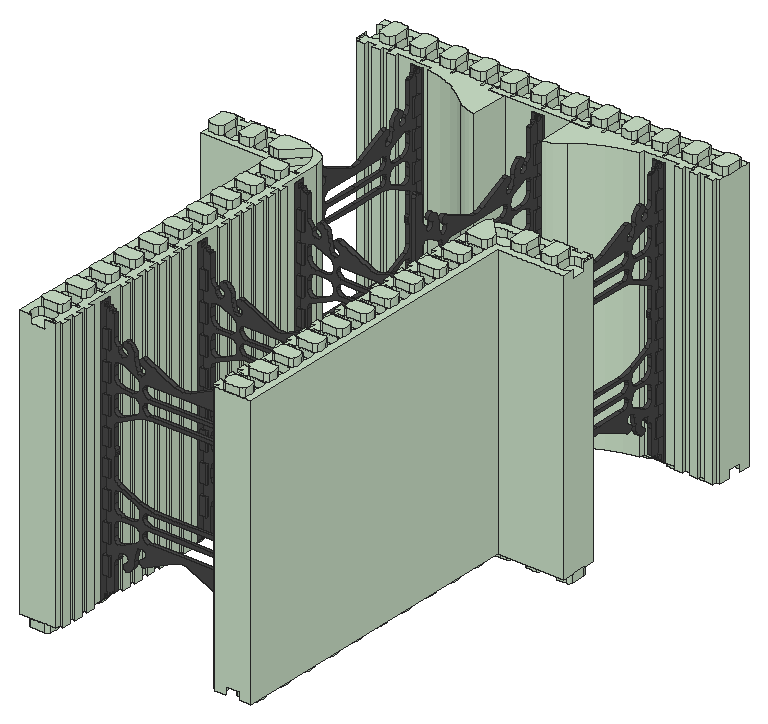
Revit family
Reference planes
  plane 1 "Center (Front/Back)": y = 0
  plane 2: z = 0
  plane 3 "Center (Left/Right)": x = 0
Forms (mm)
  Extrusion 1, solid, material "NUDURA Expanded Polystyrene Foam Insulation"
    sketch origin (-0.049, -0.095, 0) x (1, 0, 0) y (0, 1, 0)
      loop
        line (-254, 142.875) -> (-254, 82.55) -> (-246.858, 82.55) -> (-248.442, 76.2) -> (-234.158, 76.2) -> (-235.742, 82.55) -> (-221.458, 82.55) -> (-223.042, 76.2) -> (-208.758, 76.2) -> (-210.342, 82.55) -> (-196.058, 82.55) -> (-197.642, 76.2) -> (-183.358, 76.2) -> (-184.942, 82.55) -> (-127, 82.55) -> (-127, 73.025)
        arc (-127, 73.025) -> (-79.325, 60.317) -> (-38.333, 32.857) r 150.316
        arc (-38.333, 32.857) -> (-23.189, 23.014) -> (-5.558, 19.091) r 50.8
        line (-5.558, 19.091) -> (-5.558, 82.55) -> (-31.75, 82.55) -> (-31.75, 93.946) -> (-25.4, 92.363) -> (-25.4, 107.78) -> (-31.75, 106.079) -> (-31.75, 119.346) -> (-25.4, 117.763) -> (-25.4, 133.18) -> (-31.75, 131.479) -> (-31.75, 142.875) -> (-254, 142.875)
      loop
        line (355.6, 82.55) -> (355.6, 142.875) -> (133.35, 142.875) -> (133.35, 131.479) -> (127, 133.18) -> (127, 117.763) -> (133.35, 119.346) -> (133.35, 106.079) -> (127, 107.78) -> (127, 92.363) -> (133.35, 93.946) -> (133.35, 82.55) -> (107.158, 82.55) -> (107.158, 19.091)
        arc (107.158, 19.091) -> (124.789, 23.014) -> (139.933, 32.857) r 50.8
        arc (139.933, 32.857) -> (180.925, 60.317) -> (228.6, 73.025) r 150.316
        line (228.6, 73.025) -> (228.6, 82.55) -> (286.542, 82.55) -> (284.958, 76.2) -> (299.242, 76.2) -> (297.658, 82.55) -> (311.942, 82.55) -> (310.358, 76.2) -> (324.642, 76.2) -> (323.058, 82.55) -> (337.342, 82.55) -> (335.758, 76.2) -> (350.042, 76.2) -> (348.458, 82.55) -> (355.6, 82.55)
      loop
        line (-82.55, -762) -> (-82.55, -754.858) -> (-76.2, -756.441) -> (-76.2, -742.158) -> (-82.55, -743.741) -> (-82.55, -729.458) -> (-76.2, -731.041) -> (-76.2, -716.758) -> (-82.55, -718.341) -> (-82.55, -704.058) -> (-76.2, -705.641) -> (-76.2, -691.358) -> (-82.55, -692.941) -> (-82.55, -627.858) -> (-76.2, -629.441) -> (-76.2, -615.158) -> (-82.55, -616.741) -> (-82.55, -602.458) -> (-76.2, -604.041) -> (-76.2, -589.758) -> (-82.55, -591.341) -> (-82.55, -577.058) -> (-76.2, -578.641) -> (-76.2, -564.358) -> (-82.55, -565.941) -> (-82.55, -551.658) -> (-76.2, -553.241) -> (-76.2, -538.958) -> (-82.55, -540.541) -> (-82.55, -526.258) -> (-76.2, -527.841) -> (-76.2, -513.558) -> (-82.55, -515.141) -> (-82.55, -500.858) -> (-76.2, -502.441) -> (-76.2, -488.158) -> (-82.55, -489.741) -> (-82.55, -424.658) -> (-76.2, -426.241) -> (-76.2, -411.958) -> (-82.55, -413.541) -> (-82.55, -399.258) -> (-76.2, -400.841) -> (-76.2, -386.558) -> (-82.55, -388.141) -> (-82.55, -373.858) -> (-76.2, -375.441) -> (-76.2, -361.158) -> (-82.55, -362.741) -> (-82.55, -348.458) -> (-76.2, -350.041) -> (-76.2, -335.758) -> (-82.55, -337.341) -> (-82.55, -323.058) -> (-76.2, -324.641) -> (-76.2, -310.358) -> (-82.55, -311.941) -> (-82.55, -297.658) -> (-76.2, -299.241) -> (-76.2, -284.958) -> (-82.55, -286.541) -> (-82.55, -215.9)
        arc (-82.55, -215.9) -> (-91.849, -193.449) -> (-114.3, -184.15) r 31.75
        line (-114.3, -184.15) -> (-184.942, -184.15) -> (-183.358, -177.8) -> (-197.642, -177.8) -> (-196.058, -184.15) -> (-210.342, -184.15) -> (-208.758, -177.8) -> (-223.042, -177.8) -> (-221.458, -184.15) -> (-235.742, -184.15) -> (-234.158, -177.8) -> (-248.442, -177.8) -> (-246.858, -184.15) -> (-254, -184.15) -> (-254, -244.475) -> (-142.875, -244.475) -> (-142.875, -762) -> (-82.55, -762)
      loop
        line (184.15, -762) -> (244.475, -762) -> (244.475, -244.475) -> (355.6, -244.475) -> (355.6, -184.15) -> (348.458, -184.15) -> (350.042, -177.8) -> (335.758, -177.8) -> (337.342, -184.15) -> (323.058, -184.15) -> (324.642, -177.8) -> (310.358, -177.8) -> (311.942, -184.15) -> (297.658, -184.15) -> (299.242, -177.8) -> (284.958, -177.8) -> (286.542, -184.15) -> (215.9, -184.15)
        arc (215.9, -184.15) -> (193.449, -193.449) -> (184.15, -215.9) r 31.75
        line (184.15, -215.9) -> (184.15, -286.541) -> (177.8, -284.958) -> (177.8, -299.241) -> (184.15, -297.658) -> (184.15, -311.941) -> (177.8, -310.358) -> (177.8, -324.641) -> (184.15, -323.058) -> (184.15, -337.341) -> (177.8, -335.758) -> (177.8, -350.041) -> (184.15, -348.458) -> (184.15, -362.741) -> (177.8, -361.158) -> (177.8, -375.441) -> (184.15, -373.858) -> (184.15, -388.141) -> (177.8, -386.558) -> (177.8, -400.841) -> (184.15, -399.258) -> (184.15, -413.541) -> (177.8, -411.958) -> (177.8, -426.241) -> (184.15, -424.658) -> (184.15, -489.741) -> (177.8, -488.158) -> (177.8, -502.441) -> (184.15, -500.858) -> (184.15, -515.141) -> (177.8, -513.558) -> (177.8, -527.841) -> (184.15, -526.258) -> (184.15, -540.541) -> (177.8, -538.958) -> (177.8, -553.241) -> (184.15, -551.658) -> (184.15, -565.941) -> (177.8, -564.358) -> (177.8, -578.641) -> (184.15, -577.058) -> (184.15, -591.341) -> (177.8, -589.758) -> (177.8, -604.041) -> (184.15, -602.458) -> (184.15, -616.741) -> (177.8, -615.158) -> (177.8, -629.441) -> (184.15, -627.858) -> (184.15, -692.941) -> (177.8, -691.358) -> (177.8, -705.641) -> (184.15, -704.058) -> (184.15, -718.341) -> (177.8, -716.758) -> (177.8, -731.041) -> (184.15, -729.458) -> (184.15, -743.741) -> (177.8, -742.158) -> (177.8, -756.441) -> (184.15, -754.858) -> (184.15, -762)
    from 0 to 457.2
  Extrusion 2, void
    sketch origin (-0.049, -101.695, 0) x (1, 0, 0) y (0, 1, 0)
      loop
        arc (-130.453, -639.396) -> (-131.763, -647.7) -> (-130.453, -656.003) r 26.987
        arc (-130.453, -656.003) -> (-128.147, -659.184) -> (-124.411, -660.4) r 6.35
        line (-124.411, -660.4) -> (-101.014, -660.4)
        arc (-101.014, -660.4) -> (-98.696, -659.961) -> (-96.698, -658.708) r 6.35
        arc (-96.698, -658.708) -> (-96.199, -658.394) -> (-95.62, -658.285) r 1.588
        line (-95.62, -658.285) -> (-86.829, -658.285) -> (-86.829, -653.946) -> (-92.457, -653.946)
        arc (-92.457, -653.946) -> (-93.668, -653.385) -> (-94.024, -652.1) r 1.588
        arc (-94.024, -652.1) -> (-93.737, -645.691) -> (-94.972, -639.396) r 26.988
        arc (-94.972, -639.396) -> (-97.278, -636.215) -> (-101.014, -635) r 6.35
        line (-101.014, -635) -> (-124.411, -635)
        arc (-124.411, -635) -> (-128.147, -636.215) -> (-130.453, -639.396) r 6.35
    from 457.2 to 444.5
  Extrusion 3, void
    sketch origin (-0.049, -50.895, 0) x (1, 0, 0) y (0, 1, 0)
      loop
        arc (-130.453, -639.396) -> (-131.763, -647.7) -> (-130.453, -656.003) r 26.987
        arc (-130.453, -656.003) -> (-128.147, -659.184) -> (-124.411, -660.4) r 6.35
        line (-124.411, -660.4) -> (-101.014, -660.4)
        arc (-101.014, -660.4) -> (-98.696, -659.961) -> (-96.698, -658.708) r 6.35
        arc (-96.698, -658.708) -> (-96.199, -658.394) -> (-95.62, -658.285) r 1.588
        line (-95.62, -658.285) -> (-86.829, -658.285) -> (-86.829, -653.946) -> (-92.457, -653.946)
        arc (-92.457, -653.946) -> (-93.668, -653.385) -> (-94.024, -652.1) r 1.588
        arc (-94.024, -652.1) -> (-93.737, -645.691) -> (-94.972, -639.396) r 26.988
        arc (-94.972, -639.396) -> (-97.278, -636.215) -> (-101.014, -635) r 6.35
        line (-101.014, -635) -> (-124.411, -635)
        arc (-124.411, -635) -> (-128.147, -636.215) -> (-130.453, -639.396) r 6.35
    from 457.2 to 444.5
  Extrusion 4, void
    sketch origin (-0.049, -0.095, 0) x (1, 0, 0) y (0, 1, 0)
      loop
        arc (-130.453, -639.396) -> (-131.763, -647.7) -> (-130.453, -656.003) r 26.987
        arc (-130.453, -656.003) -> (-128.147, -659.184) -> (-124.411, -660.4) r 6.35
        line (-124.411, -660.4) -> (-101.014, -660.4)
        arc (-101.014, -660.4) -> (-98.696, -659.961) -> (-96.698, -658.708) r 6.35
        arc (-96.698, -658.708) -> (-96.199, -658.394) -> (-95.62, -658.285) r 1.588
        line (-95.62, -658.285) -> (-86.829, -658.285) -> (-86.829, -653.946) -> (-92.457, -653.946)
        arc (-92.457, -653.946) -> (-93.668, -653.385) -> (-94.024, -652.1) r 1.588
        arc (-94.024, -652.1) -> (-93.737, -645.691) -> (-94.972, -639.396) r 26.988
        arc (-94.972, -639.396) -> (-97.278, -636.215) -> (-101.014, -635) r 6.35
        line (-101.014, -635) -> (-124.411, -635)
        arc (-124.411, -635) -> (-128.147, -636.215) -> (-130.453, -639.396) r 6.35
    from 457.2 to 444.5
  Extrusion 5, void
    sketch origin (-0.049, 50.705, 0) x (1, 0, 0) y (0, 1, 0)
      loop
        arc (-130.453, -639.396) -> (-131.763, -647.7) -> (-130.453, -656.003) r 26.987
        arc (-130.453, -656.003) -> (-128.147, -659.184) -> (-124.411, -660.4) r 6.35
        line (-124.411, -660.4) -> (-101.014, -660.4)
        arc (-101.014, -660.4) -> (-98.696, -659.961) -> (-96.698, -658.708) r 6.35
        arc (-96.698, -658.708) -> (-96.199, -658.394) -> (-95.62, -658.285) r 1.588
        line (-95.62, -658.285) -> (-86.829, -658.285) -> (-86.829, -653.946) -> (-92.457, -653.946)
        arc (-92.457, -653.946) -> (-93.668, -653.385) -> (-94.024, -652.1) r 1.588
        arc (-94.024, -652.1) -> (-93.737, -645.691) -> (-94.972, -639.396) r 26.988
        arc (-94.972, -639.396) -> (-97.278, -636.215) -> (-101.014, -635) r 6.35
        line (-101.014, -635) -> (-124.411, -635)
        arc (-124.411, -635) -> (-128.147, -636.215) -> (-130.453, -639.396) r 6.35
    from 457.2 to 444.5
  Extrusion 6, void
    sketch origin (-0.049, 101.505, 0) x (1, 0, 0) y (0, 1, 0)
      loop
        arc (-130.453, -639.396) -> (-131.763, -647.7) -> (-130.453, -656.003) r 26.987
        arc (-130.453, -656.003) -> (-128.147, -659.184) -> (-124.411, -660.4) r 6.35
        line (-124.411, -660.4) -> (-101.014, -660.4)
        arc (-101.014, -660.4) -> (-98.696, -659.961) -> (-96.698, -658.708) r 6.35
        arc (-96.698, -658.708) -> (-96.199, -658.394) -> (-95.62, -658.285) r 1.588
        line (-95.62, -658.285) -> (-86.829, -658.285) -> (-86.829, -653.946) -> (-92.457, -653.946)
        arc (-92.457, -653.946) -> (-93.668, -653.385) -> (-94.024, -652.1) r 1.588
        arc (-94.024, -652.1) -> (-93.737, -645.691) -> (-94.972, -639.396) r 26.988
        arc (-94.972, -639.396) -> (-97.278, -636.215) -> (-101.014, -635) r 6.35
        line (-101.014, -635) -> (-124.411, -635)
        arc (-124.411, -635) -> (-128.147, -636.215) -> (-130.453, -639.396) r 6.35
    from 457.2 to 444.5
  Extrusion 7, void
    sketch origin (-0.049, 152.305, 0) x (1, 0, 0) y (0, 1, 0)
      loop
        arc (-130.453, -639.396) -> (-131.763, -647.7) -> (-130.453, -656.003) r 26.987
        arc (-130.453, -656.003) -> (-128.147, -659.184) -> (-124.411, -660.4) r 6.35
        line (-124.411, -660.4) -> (-101.014, -660.4)
        arc (-101.014, -660.4) -> (-98.696, -659.961) -> (-96.698, -658.708) r 6.35
        arc (-96.698, -658.708) -> (-96.199, -658.394) -> (-95.62, -658.285) r 1.588
        line (-95.62, -658.285) -> (-86.829, -658.285) -> (-86.829, -653.946) -> (-92.457, -653.946)
        arc (-92.457, -653.946) -> (-93.668, -653.385) -> (-94.024, -652.1) r 1.588
        arc (-94.024, -652.1) -> (-93.737, -645.691) -> (-94.972, -639.396) r 26.988
        arc (-94.972, -639.396) -> (-97.278, -636.215) -> (-101.014, -635) r 6.35
        line (-101.014, -635) -> (-124.411, -635)
        arc (-124.411, -635) -> (-128.147, -636.215) -> (-130.453, -639.396) r 6.35
    from 457.2 to 444.5
  Extrusion 8, void
    sketch origin (-0.049, 203.105, 0) x (1, 0, 0) y (0, 1, 0)
      loop
        arc (-130.453, -639.396) -> (-131.763, -647.7) -> (-130.453, -656.003) r 26.987
        arc (-130.453, -656.003) -> (-128.147, -659.184) -> (-124.411, -660.4) r 6.35
        line (-124.411, -660.4) -> (-101.014, -660.4)
        arc (-101.014, -660.4) -> (-98.696, -659.961) -> (-96.698, -658.708) r 6.35
        arc (-96.698, -658.708) -> (-96.199, -658.394) -> (-95.62, -658.285) r 1.588
        line (-95.62, -658.285) -> (-86.829, -658.285) -> (-86.829, -653.946) -> (-92.457, -653.946)
        arc (-92.457, -653.946) -> (-93.668, -653.385) -> (-94.024, -652.1) r 1.588
        arc (-94.024, -652.1) -> (-93.737, -645.691) -> (-94.972, -639.396) r 26.988
        arc (-94.972, -639.396) -> (-97.278, -636.215) -> (-101.014, -635) r 6.35
        line (-101.014, -635) -> (-124.411, -635)
        arc (-124.411, -635) -> (-128.147, -636.215) -> (-130.453, -639.396) r 6.35
    from 457.2 to 444.5
  Extrusion 9, void
    sketch origin (-0.049, 253.905, 0) x (1, 0, 0) y (0, 1, 0)
      loop
        arc (-130.453, -639.396) -> (-131.763, -647.7) -> (-130.453, -656.003) r 26.987
        arc (-130.453, -656.003) -> (-128.147, -659.184) -> (-124.411, -660.4) r 6.35
        line (-124.411, -660.4) -> (-101.014, -660.4)
        arc (-101.014, -660.4) -> (-98.696, -659.961) -> (-96.698, -658.708) r 6.35
        arc (-96.698, -658.708) -> (-96.199, -658.394) -> (-95.62, -658.285) r 1.588
        line (-95.62, -658.285) -> (-86.829, -658.285) -> (-86.829, -653.946) -> (-92.457, -653.946)
        arc (-92.457, -653.946) -> (-93.668, -653.385) -> (-94.024, -652.1) r 1.588
        arc (-94.024, -652.1) -> (-93.737, -645.691) -> (-94.972, -639.396) r 26.988
        arc (-94.972, -639.396) -> (-97.278, -636.215) -> (-101.014, -635) r 6.35
        line (-101.014, -635) -> (-124.411, -635)
        arc (-124.411, -635) -> (-128.147, -636.215) -> (-130.453, -639.396) r 6.35
    from 457.2 to 444.5
  Extrusion 10, void
    sketch origin (-0.049, 304.705, 0) x (1, 0, 0) y (0, 1, 0)
      loop
        arc (-130.453, -639.396) -> (-131.763, -647.7) -> (-130.453, -656.003) r 26.987
        arc (-130.453, -656.003) -> (-128.147, -659.184) -> (-124.411, -660.4) r 6.35
        line (-124.411, -660.4) -> (-101.014, -660.4)
        arc (-101.014, -660.4) -> (-98.696, -659.961) -> (-96.698, -658.708) r 6.35
        arc (-96.698, -658.708) -> (-96.199, -658.394) -> (-95.62, -658.285) r 1.588
        line (-95.62, -658.285) -> (-86.829, -658.285) -> (-86.829, -653.946) -> (-92.457, -653.946)
        arc (-92.457, -653.946) -> (-93.668, -653.385) -> (-94.024, -652.1) r 1.588
        arc (-94.024, -652.1) -> (-93.737, -645.691) -> (-94.972, -639.396) r 26.988
        arc (-94.972, -639.396) -> (-97.278, -636.215) -> (-101.014, -635) r 6.35
        line (-101.014, -635) -> (-124.411, -635)
        arc (-124.411, -635) -> (-128.147, -636.215) -> (-130.453, -639.396) r 6.35
    from 457.2 to 444.5
  Extrusion 11, void
    sketch origin (-0.049, 355.505, 0) x (1, 0, 0) y (0, 1, 0)
      loop
        arc (-130.453, -639.396) -> (-131.763, -647.7) -> (-130.453, -656.003) r 26.987
        arc (-130.453, -656.003) -> (-128.147, -659.184) -> (-124.411, -660.4) r 6.35
        line (-124.411, -660.4) -> (-101.014, -660.4)
        arc (-101.014, -660.4) -> (-98.696, -659.961) -> (-96.698, -658.708) r 6.35
        arc (-96.698, -658.708) -> (-96.199, -658.394) -> (-95.62, -658.285) r 1.588
        line (-95.62, -658.285) -> (-86.829, -658.285) -> (-86.829, -653.946) -> (-92.457, -653.946)
        arc (-92.457, -653.946) -> (-93.668, -653.385) -> (-94.024, -652.1) r 1.588
        arc (-94.024, -652.1) -> (-93.737, -645.691) -> (-94.972, -639.396) r 26.988
        arc (-94.972, -639.396) -> (-97.278, -636.215) -> (-101.014, -635) r 6.35
        line (-101.014, -635) -> (-124.411, -635)
        arc (-124.411, -635) -> (-128.147, -636.215) -> (-130.453, -639.396) r 6.35
    from 457.2 to 444.5
  Extrusion 12, void
    sketch origin (-0.049, -101.695, 0) x (1, 0, 0) y (0, 1, 0)
      loop
        line (-131.763, -131.762) -> (-131.763, -139.7)
        arc (-131.763, -139.7) -> (-131.433, -143.903) -> (-130.453, -148.003) r 26.987
        arc (-130.453, -148.003) -> (-128.147, -151.184) -> (-124.411, -152.4) r 6.35
        line (-124.411, -152.4) -> (-101.014, -152.4)
        arc (-101.014, -152.4) -> (-98.696, -151.961) -> (-96.698, -150.708) r 6.35
        arc (-96.698, -150.708) -> (-96.199, -150.394) -> (-95.62, -150.285) r 1.588
        line (-95.62, -150.285) -> (-86.829, -150.285) -> (-86.829, -145.946) -> (-92.457, -145.946)
        arc (-92.457, -145.946) -> (-93.668, -145.385) -> (-94.024, -144.1) r 1.588
        arc (-94.024, -144.1) -> (-93.753, -141.907) -> (-93.663, -139.7) r 26.987
        line (-93.663, -139.7) -> (-93.663, -119.062)
        arc (-93.663, -119.062) -> (-95.596, -109.342) -> (-101.102, -101.102) r 25.4
        line (-101.102, -101.102) -> (-131.763, -131.762)
    from 457.2 to 444.5
  Extrusion 13, void
    sketch origin (-812.848, -101.695, 0) x (0, 1, 0) y (-1, 0, 0)
      loop
        arc (-130.453, -639.396) -> (-131.763, -647.7) -> (-130.453, -656.003) r 26.987
        arc (-130.453, -656.003) -> (-128.147, -659.184) -> (-124.411, -660.4) r 6.35
        line (-124.411, -660.4) -> (-101.014, -660.4)
        arc (-101.014, -660.4) -> (-98.696, -659.961) -> (-96.698, -658.708) r 6.35
        arc (-96.698, -658.708) -> (-96.199, -658.394) -> (-95.62, -658.285) r 1.588
        line (-95.62, -658.285) -> (-86.829, -658.285) -> (-86.829, -653.946) -> (-92.457, -653.946)
        arc (-92.457, -653.946) -> (-93.668, -653.385) -> (-94.024, -652.1) r 1.588
        arc (-94.024, -652.1) -> (-93.737, -645.691) -> (-94.972, -639.396) r 26.988
        arc (-94.972, -639.396) -> (-97.278, -636.215) -> (-101.014, -635) r 6.35
        line (-101.014, -635) -> (-124.411, -635)
        arc (-124.411, -635) -> (-128.147, -636.215) -> (-130.453, -639.396) r 6.35
    from 457.2 to 444.5
  Extrusion 14, void
    sketch origin (-863.648, -101.695, 0) x (0, 1, 0) y (-1, 0, 0)
      loop
        arc (-130.453, -639.396) -> (-131.763, -647.7) -> (-130.453, -656.003) r 26.987
        arc (-130.453, -656.003) -> (-128.147, -659.184) -> (-124.411, -660.4) r 6.35
        line (-124.411, -660.4) -> (-101.014, -660.4)
        arc (-101.014, -660.4) -> (-98.696, -659.961) -> (-96.698, -658.708) r 6.35
        arc (-96.698, -658.708) -> (-96.199, -658.394) -> (-95.62, -658.285) r 1.588
        line (-95.62, -658.285) -> (-86.829, -658.285) -> (-86.829, -653.946) -> (-92.457, -653.946)
        arc (-92.457, -653.946) -> (-93.668, -653.385) -> (-94.024, -652.1) r 1.588
        arc (-94.024, -652.1) -> (-93.737, -645.691) -> (-94.972, -639.396) r 26.988
        arc (-94.972, -639.396) -> (-97.278, -636.215) -> (-101.014, -635) r 6.35
        line (-101.014, -635) -> (-124.411, -635)
        arc (-124.411, -635) -> (-128.147, -636.215) -> (-130.453, -639.396) r 6.35
    from 457.2 to 444.5
  Extrusion 15, void
    sketch origin (-0.049, -1371.694, 0) x (1, 0, 0) y (0, 1, 0)
      loop
        arc (-130.453, 639.396) -> (-128.147, 636.215) -> (-124.411, 635) r 6.35
        line (-124.411, 635) -> (-101.014, 635)
        arc (-101.014, 635) -> (-97.278, 636.215) -> (-94.972, 639.396) r 6.35
        arc (-94.972, 639.396) -> (-93.737, 645.691) -> (-94.024, 652.1) r 26.988
        arc (-94.024, 652.1) -> (-93.668, 653.385) -> (-92.457, 653.946) r 1.588
        line (-92.457, 653.946) -> (-86.829, 653.946) -> (-86.829, 658.285) -> (-95.62, 658.285)
        arc (-95.62, 658.285) -> (-96.199, 658.394) -> (-96.698, 658.708) r 1.588
        arc (-96.698, 658.708) -> (-98.696, 659.961) -> (-101.014, 660.4) r 6.35
        line (-101.014, 660.4) -> (-124.411, 660.4)
        arc (-124.411, 660.4) -> (-128.147, 659.184) -> (-130.453, 656.003) r 6.35
        arc (-130.453, 656.003) -> (-131.763, 647.7) -> (-130.453, 639.396) r 26.987
    from 0 to 12.7
  Extrusion 16, void
    sketch origin (-0.049, -1320.894, 0) x (1, 0, 0) y (0, 1, 0)
      loop
        arc (-130.453, 639.396) -> (-128.147, 636.215) -> (-124.411, 635) r 6.35
        line (-124.411, 635) -> (-101.014, 635)
        arc (-101.014, 635) -> (-97.278, 636.215) -> (-94.972, 639.396) r 6.35
        arc (-94.972, 639.396) -> (-93.737, 645.691) -> (-94.024, 652.1) r 26.988
        arc (-94.024, 652.1) -> (-93.668, 653.385) -> (-92.457, 653.946) r 1.588
        line (-92.457, 653.946) -> (-86.829, 653.946) -> (-86.829, 658.285) -> (-95.62, 658.285)
        arc (-95.62, 658.285) -> (-96.199, 658.394) -> (-96.698, 658.708) r 1.588
        arc (-96.698, 658.708) -> (-98.696, 659.961) -> (-101.014, 660.4) r 6.35
        line (-101.014, 660.4) -> (-124.411, 660.4)
        arc (-124.411, 660.4) -> (-128.147, 659.184) -> (-130.453, 656.003) r 6.35
        arc (-130.453, 656.003) -> (-131.763, 647.7) -> (-130.453, 639.396) r 26.987
    from 0 to 12.7
  Extrusion 17, void
    sketch origin (-0.049, -1270.094, 0) x (1, 0, 0) y (0, 1, 0)
      loop
        arc (-130.453, 639.396) -> (-128.147, 636.215) -> (-124.411, 635) r 6.35
        line (-124.411, 635) -> (-101.014, 635)
        arc (-101.014, 635) -> (-97.278, 636.215) -> (-94.972, 639.396) r 6.35
        arc (-94.972, 639.396) -> (-93.737, 645.691) -> (-94.024, 652.1) r 26.988
        arc (-94.024, 652.1) -> (-93.668, 653.385) -> (-92.457, 653.946) r 1.588
        line (-92.457, 653.946) -> (-86.829, 653.946) -> (-86.829, 658.285) -> (-95.62, 658.285)
        arc (-95.62, 658.285) -> (-96.199, 658.394) -> (-96.698, 658.708) r 1.588
        arc (-96.698, 658.708) -> (-98.696, 659.961) -> (-101.014, 660.4) r 6.35
        line (-101.014, 660.4) -> (-124.411, 660.4)
        arc (-124.411, 660.4) -> (-128.147, 659.184) -> (-130.453, 656.003) r 6.35
        arc (-130.453, 656.003) -> (-131.763, 647.7) -> (-130.453, 639.396) r 26.987
    from 0 to 12.7
  Extrusion 18, void
    sketch origin (-0.049, -1219.294, 0) x (1, 0, 0) y (0, 1, 0)
      loop
        arc (-130.453, 639.396) -> (-128.147, 636.215) -> (-124.411, 635) r 6.35
        line (-124.411, 635) -> (-101.014, 635)
        arc (-101.014, 635) -> (-97.278, 636.215) -> (-94.972, 639.396) r 6.35
        arc (-94.972, 639.396) -> (-93.737, 645.691) -> (-94.024, 652.1) r 26.988
        arc (-94.024, 652.1) -> (-93.668, 653.385) -> (-92.457, 653.946) r 1.588
        line (-92.457, 653.946) -> (-86.829, 653.946) -> (-86.829, 658.285) -> (-95.62, 658.285)
        arc (-95.62, 658.285) -> (-96.199, 658.394) -> (-96.698, 658.708) r 1.588
        arc (-96.698, 658.708) -> (-98.696, 659.961) -> (-101.014, 660.4) r 6.35
        line (-101.014, 660.4) -> (-124.411, 660.4)
        arc (-124.411, 660.4) -> (-128.147, 659.184) -> (-130.453, 656.003) r 6.35
        arc (-130.453, 656.003) -> (-131.763, 647.7) -> (-130.453, 639.396) r 26.987
    from 0 to 12.7
  Extrusion 19, void
    sketch origin (-0.049, -1168.494, 0) x (1, 0, 0) y (0, 1, 0)
      loop
        arc (-130.453, 639.396) -> (-128.147, 636.215) -> (-124.411, 635) r 6.35
        line (-124.411, 635) -> (-101.014, 635)
        arc (-101.014, 635) -> (-97.278, 636.215) -> (-94.972, 639.396) r 6.35
        arc (-94.972, 639.396) -> (-93.737, 645.691) -> (-94.024, 652.1) r 26.988
        arc (-94.024, 652.1) -> (-93.668, 653.385) -> (-92.457, 653.946) r 1.588
        line (-92.457, 653.946) -> (-86.829, 653.946) -> (-86.829, 658.285) -> (-95.62, 658.285)
        arc (-95.62, 658.285) -> (-96.199, 658.394) -> (-96.698, 658.708) r 1.588
        arc (-96.698, 658.708) -> (-98.696, 659.961) -> (-101.014, 660.4) r 6.35
        line (-101.014, 660.4) -> (-124.411, 660.4)
        arc (-124.411, 660.4) -> (-128.147, 659.184) -> (-130.453, 656.003) r 6.35
        arc (-130.453, 656.003) -> (-131.763, 647.7) -> (-130.453, 639.396) r 26.987
    from 0 to 12.7
  Extrusion 20, void
    sketch origin (-0.049, -1117.694, 0) x (1, 0, 0) y (0, 1, 0)
      loop
        arc (-130.453, 639.396) -> (-128.147, 636.215) -> (-124.411, 635) r 6.35
        line (-124.411, 635) -> (-101.014, 635)
        arc (-101.014, 635) -> (-97.278, 636.215) -> (-94.972, 639.396) r 6.35
        arc (-94.972, 639.396) -> (-93.737, 645.691) -> (-94.024, 652.1) r 26.988
        arc (-94.024, 652.1) -> (-93.668, 653.385) -> (-92.457, 653.946) r 1.588
        line (-92.457, 653.946) -> (-86.829, 653.946) -> (-86.829, 658.285) -> (-95.62, 658.285)
        arc (-95.62, 658.285) -> (-96.199, 658.394) -> (-96.698, 658.708) r 1.588
        arc (-96.698, 658.708) -> (-98.696, 659.961) -> (-101.014, 660.4) r 6.35
        line (-101.014, 660.4) -> (-124.411, 660.4)
        arc (-124.411, 660.4) -> (-128.147, 659.184) -> (-130.453, 656.003) r 6.35
        arc (-130.453, 656.003) -> (-131.763, 647.7) -> (-130.453, 639.396) r 26.987
    from 0 to 12.7
  Extrusion 21, void
    sketch origin (-0.049, -1066.894, 0) x (1, 0, 0) y (0, 1, 0)
      loop
        arc (-130.453, 639.396) -> (-128.147, 636.215) -> (-124.411, 635) r 6.35
        line (-124.411, 635) -> (-101.014, 635)
        arc (-101.014, 635) -> (-97.278, 636.215) -> (-94.972, 639.396) r 6.35
        arc (-94.972, 639.396) -> (-93.737, 645.691) -> (-94.024, 652.1) r 26.988
        arc (-94.024, 652.1) -> (-93.668, 653.385) -> (-92.457, 653.946) r 1.588
        line (-92.457, 653.946) -> (-86.829, 653.946) -> (-86.829, 658.285) -> (-95.62, 658.285)
        arc (-95.62, 658.285) -> (-96.199, 658.394) -> (-96.698, 658.708) r 1.588
        arc (-96.698, 658.708) -> (-98.696, 659.961) -> (-101.014, 660.4) r 6.35
        line (-101.014, 660.4) -> (-124.411, 660.4)
        arc (-124.411, 660.4) -> (-128.147, 659.184) -> (-130.453, 656.003) r 6.35
        arc (-130.453, 656.003) -> (-131.763, 647.7) -> (-130.453, 639.396) r 26.987
    from 0 to 12.7
  Extrusion 22, void
    sketch origin (-0.049, -1016.094, 0) x (1, 0, 0) y (0, 1, 0)
      loop
        arc (-130.453, 639.396) -> (-128.147, 636.215) -> (-124.411, 635) r 6.35
        line (-124.411, 635) -> (-101.014, 635)
        arc (-101.014, 635) -> (-97.278, 636.215) -> (-94.972, 639.396) r 6.35
        arc (-94.972, 639.396) -> (-93.737, 645.691) -> (-94.024, 652.1) r 26.988
        arc (-94.024, 652.1) -> (-93.668, 653.385) -> (-92.457, 653.946) r 1.588
        line (-92.457, 653.946) -> (-86.829, 653.946) -> (-86.829, 658.285) -> (-95.62, 658.285)
        arc (-95.62, 658.285) -> (-96.199, 658.394) -> (-96.698, 658.708) r 1.588
        arc (-96.698, 658.708) -> (-98.696, 659.961) -> (-101.014, 660.4) r 6.35
        line (-101.014, 660.4) -> (-124.411, 660.4)
        arc (-124.411, 660.4) -> (-128.147, 659.184) -> (-130.453, 656.003) r 6.35
        arc (-130.453, 656.003) -> (-131.763, 647.7) -> (-130.453, 639.396) r 26.987
    from 0 to 12.7
  Extrusion 23, void
    sketch origin (-0.049, -965.294, 0) x (1, 0, 0) y (0, 1, 0)
      loop
        arc (-130.453, 639.396) -> (-128.147, 636.215) -> (-124.411, 635) r 6.35
        line (-124.411, 635) -> (-101.014, 635)
        arc (-101.014, 635) -> (-97.278, 636.215) -> (-94.972, 639.396) r 6.35
        arc (-94.972, 639.396) -> (-93.737, 645.691) -> (-94.024, 652.1) r 26.988
        arc (-94.024, 652.1) -> (-93.668, 653.385) -> (-92.457, 653.946) r 1.588
        line (-92.457, 653.946) -> (-86.829, 653.946) -> (-86.829, 658.285) -> (-95.62, 658.285)
        arc (-95.62, 658.285) -> (-96.199, 658.394) -> (-96.698, 658.708) r 1.588
        arc (-96.698, 658.708) -> (-98.696, 659.961) -> (-101.014, 660.4) r 6.35
        line (-101.014, 660.4) -> (-124.411, 660.4)
        arc (-124.411, 660.4) -> (-128.147, 659.184) -> (-130.453, 656.003) r 6.35
        arc (-130.453, 656.003) -> (-131.763, 647.7) -> (-130.453, 639.396) r 26.987
    from 0 to 12.7
  Extrusion 24, void
    sketch origin (-0.049, -914.494, 0) x (1, 0, 0) y (0, 1, 0)
      loop
        arc (-130.453, 639.396) -> (-128.147, 636.215) -> (-124.411, 635) r 6.35
        line (-124.411, 635) -> (-101.014, 635)
        arc (-101.014, 635) -> (-97.278, 636.215) -> (-94.972, 639.396) r 6.35
        arc (-94.972, 639.396) -> (-93.737, 645.691) -> (-94.024, 652.1) r 26.988
        arc (-94.024, 652.1) -> (-93.668, 653.385) -> (-92.457, 653.946) r 1.588
        line (-92.457, 653.946) -> (-86.829, 653.946) -> (-86.829, 658.285) -> (-95.62, 658.285)
        arc (-95.62, 658.285) -> (-96.199, 658.394) -> (-96.698, 658.708) r 1.588
        arc (-96.698, 658.708) -> (-98.696, 659.961) -> (-101.014, 660.4) r 6.35
        line (-101.014, 660.4) -> (-124.411, 660.4)
        arc (-124.411, 660.4) -> (-128.147, 659.184) -> (-130.453, 656.003) r 6.35
        arc (-130.453, 656.003) -> (-131.763, 647.7) -> (-130.453, 639.396) r 26.987
    from 0 to 12.7
  Extrusion 25, void
    sketch origin (-0.049, -101.695, 0) x (0, 1, 0) y (-1, 0, 0)
      loop
        line (-131.763, 131.762) -> (-101.102, 101.102)
        arc (-101.102, 101.102) -> (-95.596, 109.342) -> (-93.663, 119.062) r 25.4
        line (-93.663, 119.062) -> (-93.663, 139.7)
        arc (-93.663, 139.7) -> (-93.753, 141.907) -> (-94.024, 144.1) r 26.987
        arc (-94.024, 144.1) -> (-93.668, 145.385) -> (-92.457, 145.946) r 1.588
        line (-92.457, 145.946) -> (-86.829, 145.946) -> (-86.829, 150.285) -> (-95.62, 150.285)
        arc (-95.62, 150.285) -> (-96.199, 150.394) -> (-96.698, 150.708) r 1.588
        arc (-96.698, 150.708) -> (-98.696, 151.961) -> (-101.014, 152.4) r 6.35
        line (-101.014, 152.4) -> (-124.411, 152.4)
        arc (-124.411, 152.4) -> (-128.147, 151.184) -> (-130.453, 148.003) r 6.35
        arc (-130.453, 148.003) -> (-131.433, 143.903) -> (-131.763, 139.7) r 26.987
        line (-131.763, 139.7) -> (-131.763, 131.762)
    from 0 to 12.7
  Extrusion 26, void
    sketch origin (457.151, -101.695, 0) x (0, 1, 0) y (-1, 0, 0)
      loop
        arc (-130.453, 639.396) -> (-128.147, 636.215) -> (-124.411, 635) r 6.35
        line (-124.411, 635) -> (-101.014, 635)
        arc (-101.014, 635) -> (-97.278, 636.215) -> (-94.972, 639.396) r 6.35
        arc (-94.972, 639.396) -> (-93.737, 645.691) -> (-94.024, 652.1) r 26.988
        arc (-94.024, 652.1) -> (-93.668, 653.385) -> (-92.457, 653.946) r 1.588
        line (-92.457, 653.946) -> (-86.829, 653.946) -> (-86.829, 658.285) -> (-95.62, 658.285)
        arc (-95.62, 658.285) -> (-96.199, 658.394) -> (-96.698, 658.708) r 1.588
        arc (-96.698, 658.708) -> (-98.696, 659.961) -> (-101.014, 660.4) r 6.35
        line (-101.014, 660.4) -> (-124.411, 660.4)
        arc (-124.411, 660.4) -> (-128.147, 659.184) -> (-130.453, 656.003) r 6.35
        arc (-130.453, 656.003) -> (-131.763, 647.7) -> (-130.453, 639.396) r 26.987
    from 0 to 12.7
  Extrusion 27, void
    sketch origin (406.351, -101.695, 0) x (0, 1, 0) y (-1, 0, 0)
      loop
        arc (-130.453, 639.396) -> (-128.147, 636.215) -> (-124.411, 635) r 6.35
        line (-124.411, 635) -> (-101.014, 635)
        arc (-101.014, 635) -> (-97.278, 636.215) -> (-94.972, 639.396) r 6.35
        arc (-94.972, 639.396) -> (-93.737, 645.691) -> (-94.024, 652.1) r 26.988
        arc (-94.024, 652.1) -> (-93.668, 653.385) -> (-92.457, 653.946) r 1.588
        line (-92.457, 653.946) -> (-86.829, 653.946) -> (-86.829, 658.285) -> (-95.62, 658.285)
        arc (-95.62, 658.285) -> (-96.199, 658.394) -> (-96.698, 658.708) r 1.588
        arc (-96.698, 658.708) -> (-98.696, 659.961) -> (-101.014, 660.4) r 6.35
        line (-101.014, 660.4) -> (-124.411, 660.4)
        arc (-124.411, 660.4) -> (-128.147, 659.184) -> (-130.453, 656.003) r 6.35
        arc (-130.453, 656.003) -> (-131.763, 647.7) -> (-130.453, 639.396) r 26.987
    from 0 to 12.7
  Extrusion 28, void
    sketch origin (101.551, -1371.694, 0) x (-1, 0, 0) y (0, -1, 0)
      loop
        arc (-130.453, -639.396) -> (-131.763, -647.7) -> (-130.453, -656.003) r 26.987
        arc (-130.453, -656.003) -> (-128.147, -659.184) -> (-124.411, -660.4) r 6.35
        line (-124.411, -660.4) -> (-101.014, -660.4)
        arc (-101.014, -660.4) -> (-98.696, -659.961) -> (-96.698, -658.708) r 6.35
        arc (-96.698, -658.708) -> (-96.199, -658.394) -> (-95.62, -658.285) r 1.588
        line (-95.62, -658.285) -> (-86.829, -658.285) -> (-86.829, -653.946) -> (-92.457, -653.946)
        arc (-92.457, -653.946) -> (-93.668, -653.385) -> (-94.024, -652.1) r 1.588
        arc (-94.024, -652.1) -> (-93.737, -645.691) -> (-94.972, -639.396) r 26.988
        arc (-94.972, -639.396) -> (-97.278, -636.215) -> (-101.014, -635) r 6.35
        line (-101.014, -635) -> (-124.411, -635)
        arc (-124.411, -635) -> (-128.147, -636.215) -> (-130.453, -639.396) r 6.35
    from 457.2 to 444.5
  Extrusion 29, void
    sketch origin (101.551, -1320.894, 0) x (-1, 0, 0) y (0, -1, 0)
      loop
        arc (-130.453, -639.396) -> (-131.763, -647.7) -> (-130.453, -656.003) r 26.987
        arc (-130.453, -656.003) -> (-128.147, -659.184) -> (-124.411, -660.4) r 6.35
        line (-124.411, -660.4) -> (-101.014, -660.4)
        arc (-101.014, -660.4) -> (-98.696, -659.961) -> (-96.698, -658.708) r 6.35
        arc (-96.698, -658.708) -> (-96.199, -658.394) -> (-95.62, -658.285) r 1.588
        line (-95.62, -658.285) -> (-86.829, -658.285) -> (-86.829, -653.946) -> (-92.457, -653.946)
        arc (-92.457, -653.946) -> (-93.668, -653.385) -> (-94.024, -652.1) r 1.588
        arc (-94.024, -652.1) -> (-93.737, -645.691) -> (-94.972, -639.396) r 26.988
        arc (-94.972, -639.396) -> (-97.278, -636.215) -> (-101.014, -635) r 6.35
        line (-101.014, -635) -> (-124.411, -635)
        arc (-124.411, -635) -> (-128.147, -636.215) -> (-130.453, -639.396) r 6.35
    from 457.2 to 444.5
  Extrusion 30, void
    sketch origin (101.551, -1270.094, 0) x (-1, 0, 0) y (0, -1, 0)
      loop
        arc (-130.453, -639.396) -> (-131.763, -647.7) -> (-130.453, -656.003) r 26.987
        arc (-130.453, -656.003) -> (-128.147, -659.184) -> (-124.411, -660.4) r 6.35
        line (-124.411, -660.4) -> (-101.014, -660.4)
        arc (-101.014, -660.4) -> (-98.696, -659.961) -> (-96.698, -658.708) r 6.35
        arc (-96.698, -658.708) -> (-96.199, -658.394) -> (-95.62, -658.285) r 1.588
        line (-95.62, -658.285) -> (-86.829, -658.285) -> (-86.829, -653.946) -> (-92.457, -653.946)
        arc (-92.457, -653.946) -> (-93.668, -653.385) -> (-94.024, -652.1) r 1.588
        arc (-94.024, -652.1) -> (-93.737, -645.691) -> (-94.972, -639.396) r 26.988
        arc (-94.972, -639.396) -> (-97.278, -636.215) -> (-101.014, -635) r 6.35
        line (-101.014, -635) -> (-124.411, -635)
        arc (-124.411, -635) -> (-128.147, -636.215) -> (-130.453, -639.396) r 6.35
    from 457.2 to 444.5
  Extrusion 31, void
    sketch origin (101.551, -1219.294, 0) x (-1, 0, 0) y (0, -1, 0)
      loop
        arc (-130.453, -639.396) -> (-131.763, -647.7) -> (-130.453, -656.003) r 26.987
        arc (-130.453, -656.003) -> (-128.147, -659.184) -> (-124.411, -660.4) r 6.35
        line (-124.411, -660.4) -> (-101.014, -660.4)
        arc (-101.014, -660.4) -> (-98.696, -659.961) -> (-96.698, -658.708) r 6.35
        arc (-96.698, -658.708) -> (-96.199, -658.394) -> (-95.62, -658.285) r 1.588
        line (-95.62, -658.285) -> (-86.829, -658.285) -> (-86.829, -653.946) -> (-92.457, -653.946)
        arc (-92.457, -653.946) -> (-93.668, -653.385) -> (-94.024, -652.1) r 1.588
        arc (-94.024, -652.1) -> (-93.737, -645.691) -> (-94.972, -639.396) r 26.988
        arc (-94.972, -639.396) -> (-97.278, -636.215) -> (-101.014, -635) r 6.35
        line (-101.014, -635) -> (-124.411, -635)
        arc (-124.411, -635) -> (-128.147, -636.215) -> (-130.453, -639.396) r 6.35
    from 457.2 to 444.5
  Extrusion 32, void
    sketch origin (101.551, -1168.494, 0) x (-1, 0, 0) y (0, -1, 0)
      loop
        arc (-130.453, -639.396) -> (-131.763, -647.7) -> (-130.453, -656.003) r 26.987
        arc (-130.453, -656.003) -> (-128.147, -659.184) -> (-124.411, -660.4) r 6.35
        line (-124.411, -660.4) -> (-101.014, -660.4)
        arc (-101.014, -660.4) -> (-98.696, -659.961) -> (-96.698, -658.708) r 6.35
        arc (-96.698, -658.708) -> (-96.199, -658.394) -> (-95.62, -658.285) r 1.588
        line (-95.62, -658.285) -> (-86.829, -658.285) -> (-86.829, -653.946) -> (-92.457, -653.946)
        arc (-92.457, -653.946) -> (-93.668, -653.385) -> (-94.024, -652.1) r 1.588
        arc (-94.024, -652.1) -> (-93.737, -645.691) -> (-94.972, -639.396) r 26.988
        arc (-94.972, -639.396) -> (-97.278, -636.215) -> (-101.014, -635) r 6.35
        line (-101.014, -635) -> (-124.411, -635)
        arc (-124.411, -635) -> (-128.147, -636.215) -> (-130.453, -639.396) r 6.35
    from 457.2 to 444.5
  Extrusion 33, void
    sketch origin (101.551, -1117.694, 0) x (-1, 0, 0) y (0, -1, 0)
      loop
        arc (-130.453, -639.396) -> (-131.763, -647.7) -> (-130.453, -656.003) r 26.987
        arc (-130.453, -656.003) -> (-128.147, -659.184) -> (-124.411, -660.4) r 6.35
        line (-124.411, -660.4) -> (-101.014, -660.4)
        arc (-101.014, -660.4) -> (-98.696, -659.961) -> (-96.698, -658.708) r 6.35
        arc (-96.698, -658.708) -> (-96.199, -658.394) -> (-95.62, -658.285) r 1.588
        line (-95.62, -658.285) -> (-86.829, -658.285) -> (-86.829, -653.946) -> (-92.457, -653.946)
        arc (-92.457, -653.946) -> (-93.668, -653.385) -> (-94.024, -652.1) r 1.588
        arc (-94.024, -652.1) -> (-93.737, -645.691) -> (-94.972, -639.396) r 26.988
        arc (-94.972, -639.396) -> (-97.278, -636.215) -> (-101.014, -635) r 6.35
        line (-101.014, -635) -> (-124.411, -635)
        arc (-124.411, -635) -> (-128.147, -636.215) -> (-130.453, -639.396) r 6.35
    from 457.2 to 444.5
  Extrusion 34, void
    sketch origin (101.551, -1066.894, 0) x (-1, 0, 0) y (0, -1, 0)
      loop
        arc (-130.453, -639.396) -> (-131.763, -647.7) -> (-130.453, -656.003) r 26.987
        arc (-130.453, -656.003) -> (-128.147, -659.184) -> (-124.411, -660.4) r 6.35
        line (-124.411, -660.4) -> (-101.014, -660.4)
        arc (-101.014, -660.4) -> (-98.696, -659.961) -> (-96.698, -658.708) r 6.35
        arc (-96.698, -658.708) -> (-96.199, -658.394) -> (-95.62, -658.285) r 1.588
        line (-95.62, -658.285) -> (-86.829, -658.285) -> (-86.829, -653.946) -> (-92.457, -653.946)
        arc (-92.457, -653.946) -> (-93.668, -653.385) -> (-94.024, -652.1) r 1.588
        arc (-94.024, -652.1) -> (-93.737, -645.691) -> (-94.972, -639.396) r 26.988
        arc (-94.972, -639.396) -> (-97.278, -636.215) -> (-101.014, -635) r 6.35
        line (-101.014, -635) -> (-124.411, -635)
        arc (-124.411, -635) -> (-128.147, -636.215) -> (-130.453, -639.396) r 6.35
    from 457.2 to 444.5
  Extrusion 35, void
    sketch origin (101.551, -1016.094, 0) x (-1, 0, 0) y (0, -1, 0)
      loop
        arc (-130.453, -639.396) -> (-131.763, -647.7) -> (-130.453, -656.003) r 26.987
        arc (-130.453, -656.003) -> (-128.147, -659.184) -> (-124.411, -660.4) r 6.35
        line (-124.411, -660.4) -> (-101.014, -660.4)
        arc (-101.014, -660.4) -> (-98.696, -659.961) -> (-96.698, -658.708) r 6.35
        arc (-96.698, -658.708) -> (-96.199, -658.394) -> (-95.62, -658.285) r 1.588
        line (-95.62, -658.285) -> (-86.829, -658.285) -> (-86.829, -653.946) -> (-92.457, -653.946)
        arc (-92.457, -653.946) -> (-93.668, -653.385) -> (-94.024, -652.1) r 1.588
        arc (-94.024, -652.1) -> (-93.737, -645.691) -> (-94.972, -639.396) r 26.988
        arc (-94.972, -639.396) -> (-97.278, -636.215) -> (-101.014, -635) r 6.35
        line (-101.014, -635) -> (-124.411, -635)
        arc (-124.411, -635) -> (-128.147, -636.215) -> (-130.453, -639.396) r 6.35
    from 457.2 to 444.5
  Extrusion 36, void
    sketch origin (101.551, -965.294, 0) x (-1, 0, 0) y (0, -1, 0)
      loop
        arc (-130.453, -639.396) -> (-131.763, -647.7) -> (-130.453, -656.003) r 26.987
        arc (-130.453, -656.003) -> (-128.147, -659.184) -> (-124.411, -660.4) r 6.35
        line (-124.411, -660.4) -> (-101.014, -660.4)
        arc (-101.014, -660.4) -> (-98.696, -659.961) -> (-96.698, -658.708) r 6.35
        arc (-96.698, -658.708) -> (-96.199, -658.394) -> (-95.62, -658.285) r 1.588
        line (-95.62, -658.285) -> (-86.829, -658.285) -> (-86.829, -653.946) -> (-92.457, -653.946)
        arc (-92.457, -653.946) -> (-93.668, -653.385) -> (-94.024, -652.1) r 1.588
        arc (-94.024, -652.1) -> (-93.737, -645.691) -> (-94.972, -639.396) r 26.988
        arc (-94.972, -639.396) -> (-97.278, -636.215) -> (-101.014, -635) r 6.35
        line (-101.014, -635) -> (-124.411, -635)
        arc (-124.411, -635) -> (-128.147, -636.215) -> (-130.453, -639.396) r 6.35
    from 457.2 to 444.5
  Extrusion 37, void
    sketch origin (101.551, -914.494, 0) x (-1, 0, 0) y (0, -1, 0)
      loop
        arc (-130.453, -639.396) -> (-131.763, -647.7) -> (-130.453, -656.003) r 26.987
        arc (-130.453, -656.003) -> (-128.147, -659.184) -> (-124.411, -660.4) r 6.35
        line (-124.411, -660.4) -> (-101.014, -660.4)
        arc (-101.014, -660.4) -> (-98.696, -659.961) -> (-96.698, -658.708) r 6.35
        arc (-96.698, -658.708) -> (-96.199, -658.394) -> (-95.62, -658.285) r 1.588
        line (-95.62, -658.285) -> (-86.829, -658.285) -> (-86.829, -653.946) -> (-92.457, -653.946)
        arc (-92.457, -653.946) -> (-93.668, -653.385) -> (-94.024, -652.1) r 1.588
        arc (-94.024, -652.1) -> (-93.737, -645.691) -> (-94.972, -639.396) r 26.988
        arc (-94.972, -639.396) -> (-97.278, -636.215) -> (-101.014, -635) r 6.35
        line (-101.014, -635) -> (-124.411, -635)
        arc (-124.411, -635) -> (-128.147, -636.215) -> (-130.453, -639.396) r 6.35
    from 457.2 to 444.5
  Extrusion 38, void
    sketch origin (-355.648, -101.695, 0) x (0, 1, 0) y (-1, 0, 0)
      loop
        arc (-130.453, -639.396) -> (-131.763, -647.7) -> (-130.453, -656.003) r 26.987
        arc (-130.453, -656.003) -> (-128.147, -659.184) -> (-124.411, -660.4) r 6.35
        line (-124.411, -660.4) -> (-101.014, -660.4)
        arc (-101.014, -660.4) -> (-98.696, -659.961) -> (-96.698, -658.708) r 6.35
        arc (-96.698, -658.708) -> (-96.199, -658.394) -> (-95.62, -658.285) r 1.588
        line (-95.62, -658.285) -> (-86.829, -658.285) -> (-86.829, -653.946) -> (-92.457, -653.946)
        arc (-92.457, -653.946) -> (-93.668, -653.385) -> (-94.024, -652.1) r 1.588
        arc (-94.024, -652.1) -> (-93.737, -645.691) -> (-94.972, -639.396) r 26.988
        arc (-94.972, -639.396) -> (-97.278, -636.215) -> (-101.014, -635) r 6.35
        line (-101.014, -635) -> (-124.411, -635)
        arc (-124.411, -635) -> (-128.147, -636.215) -> (-130.453, -639.396) r 6.35
    from 457.2 to 444.5
  Extrusion 39, void
    sketch origin (-304.848, -101.695, 0) x (0, 1, 0) y (-1, 0, 0)
      loop
        arc (-130.453, -639.396) -> (-131.763, -647.7) -> (-130.453, -656.003) r 26.987
        arc (-130.453, -656.003) -> (-128.147, -659.184) -> (-124.411, -660.4) r 6.35
        line (-124.411, -660.4) -> (-101.014, -660.4)
        arc (-101.014, -660.4) -> (-98.696, -659.961) -> (-96.698, -658.708) r 6.35
        arc (-96.698, -658.708) -> (-96.199, -658.394) -> (-95.62, -658.285) r 1.588
        line (-95.62, -658.285) -> (-86.829, -658.285) -> (-86.829, -653.946) -> (-92.457, -653.946)
        arc (-92.457, -653.946) -> (-93.668, -653.385) -> (-94.024, -652.1) r 1.588
        arc (-94.024, -652.1) -> (-93.737, -645.691) -> (-94.972, -639.396) r 26.988
        arc (-94.972, -639.396) -> (-97.278, -636.215) -> (-101.014, -635) r 6.35
        line (-101.014, -635) -> (-124.411, -635)
        arc (-124.411, -635) -> (-128.147, -636.215) -> (-130.453, -639.396) r 6.35
    from 457.2 to 444.5
  Extrusion 40, void
    sketch origin (101.551, -101.695, 0) x (1, 0, 0) y (0, 1, 0)
      loop
        arc (144.1, -94.023) -> (141.907, -93.752) -> (139.7, -93.662) r 26.987
        line (139.7, -93.662) -> (119.063, -93.662)
        arc (119.063, -93.662) -> (109.342, -95.595) -> (101.102, -101.102) r 25.4
        line (101.102, -101.102) -> (131.763, -131.762) -> (139.7, -131.762)
        arc (139.7, -131.762) -> (143.903, -131.433) -> (148.004, -130.453) r 26.988
        arc (148.004, -130.453) -> (151.185, -128.147) -> (152.4, -124.411) r 6.35
        line (152.4, -124.411) -> (152.4, -101.013)
        arc (152.4, -101.013) -> (151.962, -98.696) -> (150.708, -96.698) r 6.35
        arc (150.708, -96.698) -> (150.395, -96.198) -> (150.285, -95.619) r 1.587
        line (150.285, -95.619) -> (150.285, -86.828) -> (145.946, -86.828) -> (145.946, -92.457)
        arc (145.946, -92.457) -> (145.386, -93.667) -> (144.1, -94.023) r 1.588
    from 457.2 to 444.5
  Extrusion 41, void
    sketch origin (101.551, -101.695, 0) x (-1, 0, 0) y (0, -1, 0)
      loop
        arc (-130.453, 639.396) -> (-128.147, 636.215) -> (-124.411, 635) r 6.35
        line (-124.411, 635) -> (-101.014, 635)
        arc (-101.014, 635) -> (-97.278, 636.215) -> (-94.972, 639.396) r 6.35
        arc (-94.972, 639.396) -> (-93.737, 645.691) -> (-94.024, 652.1) r 26.988
        arc (-94.024, 652.1) -> (-93.668, 653.385) -> (-92.457, 653.946) r 1.588
        line (-92.457, 653.946) -> (-86.829, 653.946) -> (-86.829, 658.285) -> (-95.62, 658.285)
        arc (-95.62, 658.285) -> (-96.199, 658.394) -> (-96.698, 658.708) r 1.588
        arc (-96.698, 658.708) -> (-98.696, 659.961) -> (-101.014, 660.4) r 6.35
        line (-101.014, 660.4) -> (-124.411, 660.4)
        arc (-124.411, 660.4) -> (-128.147, 659.184) -> (-130.453, 656.003) r 6.35
        arc (-130.453, 656.003) -> (-131.763, 647.7) -> (-130.453, 639.396) r 26.987
    from 0 to 12.7
  Extrusion 42, void
    sketch origin (101.551, -50.895, 0) x (-1, 0, 0) y (0, -1, 0)
      loop
        arc (-130.453, 639.396) -> (-128.147, 636.215) -> (-124.411, 635) r 6.35
        line (-124.411, 635) -> (-101.014, 635)
        arc (-101.014, 635) -> (-97.278, 636.215) -> (-94.972, 639.396) r 6.35
        arc (-94.972, 639.396) -> (-93.737, 645.691) -> (-94.024, 652.1) r 26.988
        arc (-94.024, 652.1) -> (-93.668, 653.385) -> (-92.457, 653.946) r 1.588
        line (-92.457, 653.946) -> (-86.829, 653.946) -> (-86.829, 658.285) -> (-95.62, 658.285)
        arc (-95.62, 658.285) -> (-96.199, 658.394) -> (-96.698, 658.708) r 1.588
        arc (-96.698, 658.708) -> (-98.696, 659.961) -> (-101.014, 660.4) r 6.35
        line (-101.014, 660.4) -> (-124.411, 660.4)
        arc (-124.411, 660.4) -> (-128.147, 659.184) -> (-130.453, 656.003) r 6.35
        arc (-130.453, 656.003) -> (-131.763, 647.7) -> (-130.453, 639.396) r 26.987
    from 0 to 12.7
  Extrusion 43, void
    sketch origin (101.551, -0.095, 0) x (-1, 0, 0) y (0, -1, 0)
      loop
        arc (-130.453, 639.396) -> (-128.147, 636.215) -> (-124.411, 635) r 6.35
        line (-124.411, 635) -> (-101.014, 635)
        arc (-101.014, 635) -> (-97.278, 636.215) -> (-94.972, 639.396) r 6.35
        arc (-94.972, 639.396) -> (-93.737, 645.691) -> (-94.024, 652.1) r 26.988
        arc (-94.024, 652.1) -> (-93.668, 653.385) -> (-92.457, 653.946) r 1.588
        line (-92.457, 653.946) -> (-86.829, 653.946) -> (-86.829, 658.285) -> (-95.62, 658.285)
        arc (-95.62, 658.285) -> (-96.199, 658.394) -> (-96.698, 658.708) r 1.588
        arc (-96.698, 658.708) -> (-98.696, 659.961) -> (-101.014, 660.4) r 6.35
        line (-101.014, 660.4) -> (-124.411, 660.4)
        arc (-124.411, 660.4) -> (-128.147, 659.184) -> (-130.453, 656.003) r 6.35
        arc (-130.453, 656.003) -> (-131.763, 647.7) -> (-130.453, 639.396) r 26.987
    from 0 to 12.7
  Extrusion 44, void
    sketch origin (101.551, 50.705, 0) x (-1, 0, 0) y (0, -1, 0)
      loop
        arc (-130.453, 639.396) -> (-128.147, 636.215) -> (-124.411, 635) r 6.35
        line (-124.411, 635) -> (-101.014, 635)
        arc (-101.014, 635) -> (-97.278, 636.215) -> (-94.972, 639.396) r 6.35
        arc (-94.972, 639.396) -> (-93.737, 645.691) -> (-94.024, 652.1) r 26.988
        arc (-94.024, 652.1) -> (-93.668, 653.385) -> (-92.457, 653.946) r 1.588
        line (-92.457, 653.946) -> (-86.829, 653.946) -> (-86.829, 658.285) -> (-95.62, 658.285)
        arc (-95.62, 658.285) -> (-96.199, 658.394) -> (-96.698, 658.708) r 1.588
        arc (-96.698, 658.708) -> (-98.696, 659.961) -> (-101.014, 660.4) r 6.35
        line (-101.014, 660.4) -> (-124.411, 660.4)
        arc (-124.411, 660.4) -> (-128.147, 659.184) -> (-130.453, 656.003) r 6.35
        arc (-130.453, 656.003) -> (-131.763, 647.7) -> (-130.453, 639.396) r 26.987
    from 0 to 12.7
  Extrusion 45, void
    sketch origin (101.551, 101.505, 0) x (-1, 0, 0) y (0, -1, 0)
      loop
        arc (-130.453, 639.396) -> (-128.147, 636.215) -> (-124.411, 635) r 6.35
        line (-124.411, 635) -> (-101.014, 635)
        arc (-101.014, 635) -> (-97.278, 636.215) -> (-94.972, 639.396) r 6.35
        arc (-94.972, 639.396) -> (-93.737, 645.691) -> (-94.024, 652.1) r 26.988
        arc (-94.024, 652.1) -> (-93.668, 653.385) -> (-92.457, 653.946) r 1.588
        line (-92.457, 653.946) -> (-86.829, 653.946) -> (-86.829, 658.285) -> (-95.62, 658.285)
        arc (-95.62, 658.285) -> (-96.199, 658.394) -> (-96.698, 658.708) r 1.588
        arc (-96.698, 658.708) -> (-98.696, 659.961) -> (-101.014, 660.4) r 6.35
        line (-101.014, 660.4) -> (-124.411, 660.4)
        arc (-124.411, 660.4) -> (-128.147, 659.184) -> (-130.453, 656.003) r 6.35
        arc (-130.453, 656.003) -> (-131.763, 647.7) -> (-130.453, 639.396) r 26.987
    from 0 to 12.7
  Extrusion 46, void
    sketch origin (101.551, 152.305, 0) x (-1, 0, 0) y (0, -1, 0)
      loop
        arc (-130.453, 639.396) -> (-128.147, 636.215) -> (-124.411, 635) r 6.35
        line (-124.411, 635) -> (-101.014, 635)
        arc (-101.014, 635) -> (-97.278, 636.215) -> (-94.972, 639.396) r 6.35
        arc (-94.972, 639.396) -> (-93.737, 645.691) -> (-94.024, 652.1) r 26.988
        arc (-94.024, 652.1) -> (-93.668, 653.385) -> (-92.457, 653.946) r 1.588
        line (-92.457, 653.946) -> (-86.829, 653.946) -> (-86.829, 658.285) -> (-95.62, 658.285)
        arc (-95.62, 658.285) -> (-96.199, 658.394) -> (-96.698, 658.708) r 1.588
        arc (-96.698, 658.708) -> (-98.696, 659.961) -> (-101.014, 660.4) r 6.35
        line (-101.014, 660.4) -> (-124.411, 660.4)
        arc (-124.411, 660.4) -> (-128.147, 659.184) -> (-130.453, 656.003) r 6.35
        arc (-130.453, 656.003) -> (-131.763, 647.7) -> (-130.453, 639.396) r 26.987
    from 0 to 12.7
  Extrusion 47, void
    sketch origin (101.551, 203.105, 0) x (-1, 0, 0) y (0, -1, 0)
      loop
        arc (-130.453, 639.396) -> (-128.147, 636.215) -> (-124.411, 635) r 6.35
        line (-124.411, 635) -> (-101.014, 635)
        arc (-101.014, 635) -> (-97.278, 636.215) -> (-94.972, 639.396) r 6.35
        arc (-94.972, 639.396) -> (-93.737, 645.691) -> (-94.024, 652.1) r 26.988
        arc (-94.024, 652.1) -> (-93.668, 653.385) -> (-92.457, 653.946) r 1.588
        line (-92.457, 653.946) -> (-86.829, 653.946) -> (-86.829, 658.285) -> (-95.62, 658.285)
        arc (-95.62, 658.285) -> (-96.199, 658.394) -> (-96.698, 658.708) r 1.588
        arc (-96.698, 658.708) -> (-98.696, 659.961) -> (-101.014, 660.4) r 6.35
        line (-101.014, 660.4) -> (-124.411, 660.4)
        arc (-124.411, 660.4) -> (-128.147, 659.184) -> (-130.453, 656.003) r 6.35
        arc (-130.453, 656.003) -> (-131.763, 647.7) -> (-130.453, 639.396) r 26.987
    from 0 to 12.7
  Extrusion 48, void
    sketch origin (101.551, 253.905, 0) x (-1, 0, 0) y (0, -1, 0)
      loop
        arc (-130.453, 639.396) -> (-128.147, 636.215) -> (-124.411, 635) r 6.35
        line (-124.411, 635) -> (-101.014, 635)
        arc (-101.014, 635) -> (-97.278, 636.215) -> (-94.972, 639.396) r 6.35
        arc (-94.972, 639.396) -> (-93.737, 645.691) -> (-94.024, 652.1) r 26.988
        arc (-94.024, 652.1) -> (-93.668, 653.385) -> (-92.457, 653.946) r 1.588
        line (-92.457, 653.946) -> (-86.829, 653.946) -> (-86.829, 658.285) -> (-95.62, 658.285)
        arc (-95.62, 658.285) -> (-96.199, 658.394) -> (-96.698, 658.708) r 1.588
        arc (-96.698, 658.708) -> (-98.696, 659.961) -> (-101.014, 660.4) r 6.35
        line (-101.014, 660.4) -> (-124.411, 660.4)
        arc (-124.411, 660.4) -> (-128.147, 659.184) -> (-130.453, 656.003) r 6.35
        arc (-130.453, 656.003) -> (-131.763, 647.7) -> (-130.453, 639.396) r 26.987
    from 0 to 12.7
  Extrusion 49, void
    sketch origin (101.551, 304.705, 0) x (-1, 0, 0) y (0, -1, 0)
      loop
        arc (-130.453, 639.396) -> (-128.147, 636.215) -> (-124.411, 635) r 6.35
        line (-124.411, 635) -> (-101.014, 635)
        arc (-101.014, 635) -> (-97.278, 636.215) -> (-94.972, 639.396) r 6.35
        arc (-94.972, 639.396) -> (-93.737, 645.691) -> (-94.024, 652.1) r 26.988
        arc (-94.024, 652.1) -> (-93.668, 653.385) -> (-92.457, 653.946) r 1.588
        line (-92.457, 653.946) -> (-86.829, 653.946) -> (-86.829, 658.285) -> (-95.62, 658.285)
        arc (-95.62, 658.285) -> (-96.199, 658.394) -> (-96.698, 658.708) r 1.588
        arc (-96.698, 658.708) -> (-98.696, 659.961) -> (-101.014, 660.4) r 6.35
        line (-101.014, 660.4) -> (-124.411, 660.4)
        arc (-124.411, 660.4) -> (-128.147, 659.184) -> (-130.453, 656.003) r 6.35
        arc (-130.453, 656.003) -> (-131.763, 647.7) -> (-130.453, 639.396) r 26.987
    from 0 to 12.7
  Extrusion 50, void
    sketch origin (101.551, 355.505, 0) x (-1, 0, 0) y (0, -1, 0)
      loop
        arc (-130.453, 639.396) -> (-128.147, 636.215) -> (-124.411, 635) r 6.35
        line (-124.411, 635) -> (-101.014, 635)
        arc (-101.014, 635) -> (-97.278, 636.215) -> (-94.972, 639.396) r 6.35
        arc (-94.972, 639.396) -> (-93.737, 645.691) -> (-94.024, 652.1) r 26.988
        arc (-94.024, 652.1) -> (-93.668, 653.385) -> (-92.457, 653.946) r 1.588
        line (-92.457, 653.946) -> (-86.829, 653.946) -> (-86.829, 658.285) -> (-95.62, 658.285)
        arc (-95.62, 658.285) -> (-96.199, 658.394) -> (-96.698, 658.708) r 1.588
        arc (-96.698, 658.708) -> (-98.696, 659.961) -> (-101.014, 660.4) r 6.35
        line (-101.014, 660.4) -> (-124.411, 660.4)
        arc (-124.411, 660.4) -> (-128.147, 659.184) -> (-130.453, 656.003) r 6.35
        arc (-130.453, 656.003) -> (-131.763, 647.7) -> (-130.453, 639.396) r 26.987
    from 0 to 12.7
  Extrusion 51, void
    sketch origin (101.552, -101.695, 0) x (0, -1, 0) y (1, 0, 0)
      loop
        arc (144.1, 94.023) -> (145.386, 93.667) -> (145.946, 92.457) r 1.588
        line (145.946, 92.457) -> (145.946, 86.828) -> (150.285, 86.828) -> (150.285, 95.619)
        arc (150.285, 95.619) -> (150.395, 96.198) -> (150.708, 96.698) r 1.587
        arc (150.708, 96.698) -> (151.962, 98.696) -> (152.4, 101.013) r 6.35
        line (152.4, 101.013) -> (152.4, 124.411)
        arc (152.4, 124.411) -> (151.185, 128.147) -> (148.004, 130.453) r 6.35
        arc (148.004, 130.453) -> (143.903, 131.433) -> (139.7, 131.762) r 26.988
        line (139.7, 131.762) -> (131.763, 131.762) -> (101.102, 101.102)
        arc (101.102, 101.102) -> (109.342, 95.595) -> (119.063, 93.662) r 25.4
        line (119.063, 93.662) -> (139.7, 93.662)
        arc (139.7, 93.662) -> (141.907, 93.752) -> (144.1, 94.023) r 26.987
    from 0 to 12.7
  Extrusion 52, void
    sketch origin (914.351, -101.695, 0) x (0, 1, 0) y (-1, 0, 0)
      loop
        arc (-130.453, 639.396) -> (-128.147, 636.215) -> (-124.411, 635) r 6.35
        line (-124.411, 635) -> (-101.014, 635)
        arc (-101.014, 635) -> (-97.278, 636.215) -> (-94.972, 639.396) r 6.35
        arc (-94.972, 639.396) -> (-93.737, 645.691) -> (-94.024, 652.1) r 26.988
        arc (-94.024, 652.1) -> (-93.668, 653.385) -> (-92.457, 653.946) r 1.588
        line (-92.457, 653.946) -> (-86.829, 653.946) -> (-86.829, 658.285) -> (-95.62, 658.285)
        arc (-95.62, 658.285) -> (-96.199, 658.394) -> (-96.698, 658.708) r 1.588
        arc (-96.698, 658.708) -> (-98.696, 659.961) -> (-101.014, 660.4) r 6.35
        line (-101.014, 660.4) -> (-124.411, 660.4)
        arc (-124.411, 660.4) -> (-128.147, 659.184) -> (-130.453, 656.003) r 6.35
        arc (-130.453, 656.003) -> (-131.763, 647.7) -> (-130.453, 639.396) r 26.987
    from 0 to 12.7
